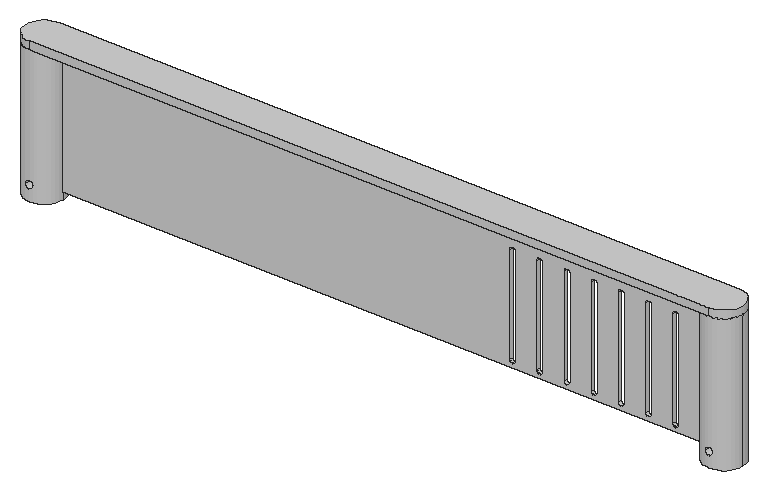
Revit family "Urbane II Bathroom Shelf", category Specialty Equipment, host Face, Revit 2019
Family settings
  Host = Face
  Round Connector Dimension = Use Radius
  Part Type = Normal
  OmniClass Number = 23.40.20.21.27
  OmniClass Title = Towel Bars
  Cut with Voids When Loaded = No
  Shared = No
  Room Calculation Point = No
Parameters (values of type "Urbane II Bathroom Shelf - Chrome")
  URL = "https://www.caroma.com.au/"
  RailWidth = 450 mm
  Model = "99619C"
  Material_Base = GWA_Metal-Chrome
  Manufacturer = "GWA Bathrooms & Kitchens"  # constant formula
  Description = "Urbane II Bathroom Shelf - Chrome"
  Default Elevation = 1000 mm
  CreatedBy_ANZRS = "GWA Bathrooms & Kitchens"  # constant formula
  Assembly Code = "C1030220"
Types (6, lengths in mm): name | Model | Material_Base | Description
  (no name) | "99619C" | GWA_Metal-Chrome | "Urbane II Bathroom Shelf - Chrome"
  Urbane II Bathroom Shelf - Chrome | "99619C" | GWA_Metal-Chrome | "Urbane II Bathroom Shelf - Chrome"
  Urbane II Bathroom Shelf - Matte Black | "99619B" | GWA-Metal-Black | "Urbane II Bathroom Shelf - Matte Black"
  Urbane II Bathroom Shelf  - Brushed Brass | "99619BR" | GWA_Metal-Brushed-Brass | "Urbane II Bathroom Shelf  - Brushed Brass"
  Urbane II Bathroom Shelf - Gunmetal | "99619GM" | GWA-Metal-Gunmetal Grey | "Urbane II Bathroom Shelf - Gunmetal"
  Urbane II Bathroom Shelf - Brushed Nickel | "99619BN" | GWA_Metal-Brushed-Nickel | "Urbane II Bathroom Shelf - Brushed Nickel"
Reference planes
  plane 1 "Center (Front/Back)": y = 0
  plane 2: z = 0
  plane 3 "Center (Left/Right)": x = 0
  plane 4 "LeftSupport": x = -225
  plane 5 "RightSupport": x = 225
  plane 6 "Rail": z = 90
  plane 7 "BackOfShelf": z = 5
  plane 8 "ShelfLeft": x = -212
  plane 9 "ShelfRight": x = 212
Forms (mm)
  Extrusion 1, solid, material "GWA_Metal-Chrome" <- "Material_Base"
    sketch origin (0, 0, 0) x (1, 0, 0) y (0, 1, 0)
      loop
        circle (-225, 0) r 12.5
    from 0 to 90
  Extrusion 2, solid, material "GWA_Metal-Chrome" <- "Material_Base"
    sketch origin (0, 0, 0) x (1, 0, 0) y (0, 1, 0)
      loop
        circle (225, 0) r 12.5
    from 0 to 90
  Extrusion 3, solid, material "GWA_Metal-Chrome" <- "Material_Base"
    sketch origin (0, 0, 90) x (-1, 0, 0) y (0, -1, 0)
      loop
        arc (225, -12.5) -> (237.5, 0) -> (225, 12.5) r 12.5
        line (225, 12.5) -> (-225, 12.5)
        arc (-225, 12.5) -> (-237.5, 0) -> (-225, -12.5) r 12.5
        line (-225, -12.5) -> (225, -12.5)
    from 0 to 5
  Extrusion 4, void
    sketch origin (0, 0, 0) x (1, 0, 0) y (0, 0, 1)
      loop
        circle (-225, 10) r 2.5
    from 0 to 30
  Extrusion 5, void
    sketch origin (0, 0, 0) x (-1, 0, 0) y (0, 0, -1)
      loop
        circle (-225, -10) r 2.5
    from 0 to 30
  Extrusion 6, solid, material "GWA_Metal-Chrome" <- "Material_Base"
    sketch origin (0, 0, 0) x (1, 0, 0) y (0, 0, 1)
      loop
        line (-212, 5) -> (212, 5) -> (212, 29.5) -> (218, 29.5) -> (218, 79.5) -> (212, 79.5) -> (212, 85) -> (-212, 85) -> (-212, 79.5) -> (-218, 79.5) -> (-218, 29.5) -> (-212, 29.5) -> (-212, 5)
    from -1 to 1
  Extrusion 7, void
    sketch origin (35.737, 0, 0.14) x (1, 0, 0) y (0, 0, 1)
      loop
        line (-247.737, 79.86) -> (-253.737, 79.86) -> (-253.737, 28.86) -> (-247.737, 28.86) -> (-247.737, 79.86)
    from -1 to 1
  Extrusion 8, void
    sketch origin (-35.737, 0, 0.14) x (-1, 0, 0) y (0, 0, -1)
      loop
        line (-247.737, -79.86) -> (-247.737, -28.86) -> (-253.737, -28.86) -> (-253.737, -79.86) -> (-247.737, -79.86)
    from -1 to 1
  Extrusion 9, void
    sketch origin (0, 0, 0) x (1, 0, 0) y (0, 0, 1)
      loop
        arc (192, 10) -> (194, 8) -> (196, 10) r 2
        line (196, 10) -> (196, 75)
        arc (196, 75) -> (194, 77) -> (192, 75) r 2
        line (192, 75) -> (192, 10)
      loop
        arc (174, 10) -> (176, 8) -> (178, 10) r 2
        line (178, 10) -> (178, 75)
        arc (178, 75) -> (176, 77) -> (174, 75) r 2
        line (174, 75) -> (174, 10)
      loop
        arc (156, 10) -> (158, 8) -> (160, 10) r 2
        line (160, 10) -> (160, 75)
        arc (160, 75) -> (158, 77) -> (156, 75) r 2
        line (156, 75) -> (156, 10)
      loop
        arc (138, 10) -> (140, 8) -> (142, 10) r 2
        line (142, 10) -> (142, 75)
        arc (142, 75) -> (140, 77) -> (138, 75) r 2
        line (138, 75) -> (138, 10)
      loop
        arc (120, 10) -> (122, 8) -> (124, 10) r 2
        line (124, 10) -> (124, 75)
        arc (124, 75) -> (122, 77) -> (120, 75) r 2
        line (120, 75) -> (120, 10)
      loop
        arc (102, 10) -> (104, 8) -> (106, 10) r 2
        line (106, 10) -> (106, 75)
        arc (106, 75) -> (104, 77) -> (102, 75) r 2
        line (102, 75) -> (102, 10)
      loop
        arc (84, 10) -> (86, 8) -> (88, 10) r 2
        line (88, 10) -> (88, 75)
        arc (88, 75) -> (86, 77) -> (84, 75) r 2
        line (84, 75) -> (84, 10)
    from -2 to 2
Cuts and joins
  Extrusion 4, Extrusion 5, Extrusion 7, Extrusion 8 cuts Extrusion 1
  Extrusion 5, Extrusion 8 cuts Extrusion 2
  joined: Extrusion 1, Extrusion 2
  Extrusion 5 cuts Extrusion 3
  Extrusion 9 cuts Extrusion 6
Lines and regions (mm)
  Masking region 1
    outline origin (0, 0, 90) x (-1, 0, 0) y (0, -1, 0)
      loop
        line (-225, -12.5) -> (225, -12.5)
        arc (225, -12.5) -> (237.5, 0) -> (225, 12.5) r 12.5
        line (225, 12.5) -> (-225, 12.5)
        arc (-225, 12.5) -> (-237.5, 0) -> (-225, -12.5) r 12.5
  Masking region 2
    outline origin (225, 0, 0) x (0, 1, 0) y (0, 0, 1)
      loop
        line (-12.5, 95) -> (-12.5, 0) -> (12.5, 0) -> (12.5, 95) -> (-12.5, 95)
  Masking region 3
    outline origin (0, 0, 0) x (1, 0, 0) y (0, 0, 1)
      loop
        line (-237.5, 95) -> (-237.5, 0) -> (-212.5, 0) -> (-212.5, 90) -> (212.5, 90) -> (212.5, 0) -> (237.5, 0) -> (237.5, 95) -> (-237.5, 95)
  Masking region 4
    outline origin (0, 0, 0) x (1, 0, 0) y (0, 0, 1)
      loop
        line (212, 85) -> (-212, 85) -> (-212, 5) -> (212, 5) -> (212, 85)
      loop
        line (192, 75) -> (192, 10)
        arc (192, 10) -> (194, 8) -> (196, 10) r 2
        line (196, 10) -> (196, 75)
        arc (196, 75) -> (194, 77) -> (192, 75) r 2
      loop
        line (178, 10) -> (178, 75)
        arc (178, 75) -> (176, 77) -> (174, 75) r 2
        line (174, 75) -> (174, 10)
        arc (174, 10) -> (176, 8) -> (178, 10) r 2
      loop
        line (160, 10) -> (160, 75)
        arc (160, 75) -> (158, 77) -> (156, 75) r 2
        line (156, 75) -> (156, 10)
        arc (156, 10) -> (158, 8) -> (160, 10) r 2
      loop
        line (142, 10) -> (142, 75)
        arc (142, 75) -> (140, 77) -> (138, 75) r 2
        line (138, 75) -> (138, 10)
        arc (138, 10) -> (140, 8) -> (142, 10) r 2
      loop
        line (124, 10) -> (124, 75)
        arc (124, 75) -> (122, 77) -> (120, 75) r 2
        line (120, 75) -> (120, 10)
        arc (120, 10) -> (122, 8) -> (124, 10) r 2
      loop
        line (106, 10) -> (106, 75)
        arc (106, 75) -> (104, 77) -> (102, 75) r 2
        line (102, 75) -> (102, 10)
        arc (102, 10) -> (104, 8) -> (106, 10) r 2
      loop
        line (88, 10) -> (88, 75)
        arc (88, 75) -> (86, 77) -> (84, 75) r 2
        line (84, 75) -> (84, 10)
        arc (84, 10) -> (86, 8) -> (88, 10) r 2
  symbolic lines
    curve 1: arc (-225, 12.5, 90) -> (-237.5, 0, 90) -> (-225, -12.5, 90) r 12.5
    curve 2: line (225, 12.5, 90) -> (-225, 12.5, 90)
    curve 3: line (225, -12.5, 90) -> (-225, -12.5, 90)
    curve 4: arc (225, -12.5, 90) -> (237.5, 0, 90) -> (225, 12.5, 90) r 12.5
    curve 5: line (237.5, 0, 90) -> (237.5, 0, 0)
    curve 6: line (237.5, 0, 0) -> (212.5, 0, 0)
    curve 7: line (212.5, 0, 0) -> (212.5, 0, 90)
    curve 8: line (237.5, 0, 95) -> (-237.5, 0, 95)
    curve 9: line (237.5, 0, 90) -> (237.5, 0, 95)
    curve 10: line (-237.5, 0, 90) -> (237.5, 0, 90)
    curve 11: line (-237.5, 0, 95) -> (-237.5, 0, 90)
    curve 12: line (-237.5, 0, 90) -> (-237.5, 0, 0)
    curve 13: line (-212.5, 0, 0) -> (-212.5, 0, 60)
    curve 14: line (-237.5, 0, 0) -> (-212.5, 0, 0)
    curve 15: line (225, -12.5, 95) -> (225, 12.5, 95)
    curve 16: line (225, -12.5, 90) -> (225, -12.5, 95)
    curve 17: line (225, 12.5, 90) -> (225, -12.5, 90)
    curve 18: line (225, 12.5, 95) -> (225, 12.5, 90)
    curve 19: line (225, -12.5, 0) -> (225, -12.5, 90)
    curve 20: line (225, 12.5, 0) -> (225, -12.5, 0)
    curve 21: line (225, 12.5, 90) -> (225, 12.5, 0)
    curve 22: line (212, 0, 85) -> (-212, 0, 85)
    curve 23: line (212, 0, 5) -> (212, 0, 85)
    curve 24: line (-212, 0, 5) -> (212, 0, 5)
    curve 25: line (-212, 0, 85) -> (-212, 0, 5)
    curve 26: line (84, 0, 75) -> (84, 0, 10)
    curve 27: arc (84, 0, 10) -> (86, 0, 8) -> (88, 0, 10) r 2
    curve 28: line (88, 0, 10) -> (88, 0, 75)
    curve 29: arc (88, 0, 75) -> (86, 0, 77) -> (84, 0, 75) r 2
    curve 30: line (102, 0, 75) -> (102, 0, 10)
    curve 31: arc (102, 0, 10) -> (104, 0, 8) -> (106, 0, 10) r 2
    curve 32: line (106, 0, 10) -> (106, 0, 75)
    curve 33: arc (106, 0, 75) -> (104, 0, 77) -> (102, 0, 75) r 2
    curve 34: line (120, 0, 75) -> (120, 0, 10)
    curve 35: arc (120, 0, 10) -> (122, 0, 8) -> (124, 0, 10) r 2
    curve 36: line (124, 0, 10) -> (124, 0, 75)
    curve 37: arc (124, 0, 75) -> (122, 0, 77) -> (120, 0, 75) r 2
    curve 38: line (138, 0, 75) -> (138, 0, 10)
    curve 39: arc (138, 0, 10) -> (140, 0, 8) -> (142, 0, 10) r 2
    curve 40: line (142, 0, 10) -> (142, 0, 75)
    curve 41: arc (142, 0, 75) -> (140, 0, 77) -> (138, 0, 75) r 2
    curve 42: line (156, 0, 75) -> (156, 0, 10)
    curve 43: arc (156, 0, 10) -> (158, 0, 8) -> (160, 0, 10) r 2
    curve 44: line (160, 0, 10) -> (160, 0, 75)
    curve 45: arc (160, 0, 75) -> (158, 0, 77) -> (156, 0, 75) r 2
    curve 46: line (174, 0, 75) -> (174, 0, 10)
    curve 47: arc (174, 0, 10) -> (176, 0, 8) -> (178, 0, 10) r 2
    curve 48: line (178, 0, 10) -> (178, 0, 75)
    curve 49: arc (178, 0, 75) -> (176, 0, 77) -> (174, 0, 75) r 2
    curve 50: line (192, 0, 75) -> (192, 0, 10)
    curve 51: arc (192, 0, 10) -> (194, 0, 8) -> (196, 0, 10) r 2
    curve 52: line (196, 0, 10) -> (196, 0, 75)
    curve 53: arc (196, 0, 75) -> (194, 0, 77) -> (192, 0, 75) r 2
Dimensions and locks
  "RailWidth": plane 4 "LeftSupport" to plane 5 "RightSupport"
  equal spacing: plane 4 "LeftSupport", plane 3 "Center (Left/Right)", plane 5 "RightSupport"
  aligned and locked: plane 2 to host face
  aligned and locked: level to host face
Automatic sketch dimensions
  host sketch curve to host sketch curve = 2438.4 mm  (x2)
  plane 1 "Center (Front/Back)" to Extrusion 1 sketch curve = 0 mm
  Extrusion 1 sketch curve to plane 4 "LeftSupport" = 0 mm
  plane 1 "Center (Front/Back)" to Extrusion 2 sketch curve = 0 mm
  Extrusion 2 sketch curve to plane 5 "RightSupport" = 0 mm
  Extrusion 3 sketch curve to plane 5 "RightSupport" = 0 mm
  Extrusion 3 sketch curve to plane 4 "LeftSupport" = 0 mm
  plane 1 "Center (Front/Back)" to Extrusion 3 sketch curve = 0 mm
  Extrusion 3 sketch curve to plane 1 "Center (Front/Back)" = 12.5 mm
  Extrusion 4 sketch curve to plane 4 "LeftSupport" = 0 mm
  plane 7 "BackOfShelf" to Extrusion 4 sketch curve = 5 mm
  Extrusion 5 sketch curve to plane 5 "RightSupport" = 0 mm
  Extrusion 5 sketch curve to plane 7 "BackOfShelf" = 5 mm
  curve 3 to plane 5 "RightSupport" = 0 mm
  curve 3 to plane 4 "LeftSupport" = 0 mm
  plane 1 "Center (Front/Back)" to curve 4 = 0 mm
  curve 2 to plane 1 "Center (Front/Back)" = 12.5 mm
  Masking region 1 sketch curve to plane 5 "RightSupport" = 0 mm
  Masking region 1 sketch curve to plane 4 "LeftSupport" = 0 mm
  plane 1 "Center (Front/Back)" to Masking region 1 sketch curve = 0 mm
  Masking region 1 sketch curve to plane 1 "Center (Front/Back)" = 12.5 mm
  curve 19 to plane 6 "Rail" = 0 mm
  curve 19 to level = 0 mm
  plane 6 "Rail" to curve 15 = 5 mm
  plane 1 "Center (Front/Back)" to curve 15 = 12.5 mm
  curve 17 to plane 1 "Center (Front/Back)" = 12.5 mm
  Masking region 2 sketch curve to level = 0 mm
  plane 1 "Center (Front/Back)" to Masking region 2 sketch curve = 12.5 mm
  Masking region 2 sketch curve to plane 1 "Center (Front/Back)" = 12.5 mm
  plane 6 "Rail" to Masking region 2 sketch curve = 5 mm
  Masking region 3 sketch curve to level = 0 mm  (x2)
  Masking region 3 sketch curve to plane 6 "Rail" = 0 mm
  plane 6 "Rail" to Masking region 3 sketch curve = 5 mm
  Masking region 3 sketch curve to plane 4 "LeftSupport" = 12.5 mm
  Masking region 3 sketch curve to plane 8 "ShelfLeft" = 0.5 mm
  plane 9 "ShelfRight" to Masking region 3 sketch curve = 0.5 mm
  plane 5 "RightSupport" to Masking region 3 sketch curve = 12.5 mm
  Extrusion 6 sketch curve to plane 8 "ShelfLeft" = 0 mm  (x2)
  Extrusion 6 sketch curve to plane 9 "ShelfRight" = 0 mm  (x2)
  Extrusion 6 sketch curve to plane 7 "BackOfShelf" = 0 mm
  Extrusion 6 sketch curve to plane 8 "ShelfLeft" = 6 mm
  Extrusion 6 sketch curve to Extrusion 6 sketch curve = 6 mm
  plane 7 "BackOfShelf" to Extrusion 6 sketch curve = 24.5 mm  (x2)
  Extrusion 6 sketch curve to plane 6 "Rail" = 10.5 mm  (x2)
  Extrusion 6 sketch curve to plane 6 "Rail" = 5 mm
  Extrusion 7 sketch curve to plane 8 "ShelfLeft" = 0 mm
  Extrusion 7 sketch curve to plane 8 "ShelfLeft" = 6 mm
  plane 7 "BackOfShelf" to Extrusion 7 sketch curve = 24 mm
  Extrusion 7 sketch curve to plane 6 "Rail" = 10 mm
  Extrusion 8 sketch curve to plane 9 "ShelfRight" = 0 mm
  Extrusion 8 sketch curve to plane 9 "ShelfRight" = 6 mm
  Extrusion 8 sketch curve to plane 7 "BackOfShelf" = 24 mm
  plane 6 "Rail" to Extrusion 8 sketch curve = 10 mm
  Extrusion 9 sketch curve to plane 6 "Rail" = 15 mm  (x7)
  plane 3 "Center (Left/Right)" to Extrusion 9 sketch curve = 84 mm
  Extrusion 9 sketch curve to Extrusion 9 sketch curve = 2 mm  (x7)
  Extrusion 9 sketch curve to Extrusion 9 sketch curve = 14 mm  (x6)
  plane 7 "BackOfShelf" to Extrusion 9 sketch curve = 5 mm  (x7)
  curve 12 to plane 6 "Rail" = 0 mm
  curve 12 to level = 0 mm
  curve 25 to plane 7 "BackOfShelf" = 0 mm
  curve 25 to plane 8 "ShelfLeft" = 0 mm
  curve 22 to plane 9 "ShelfRight" = 0 mm
  curve 7 to level = 0 mm
  curve 14 to plane 8 "ShelfLeft" = 0.5 mm
  curve 11 to plane 4 "LeftSupport" = 12.5 mm
  plane 9 "ShelfRight" to curve 7 = 0.5 mm
  plane 5 "RightSupport" to curve 9 = 12.5 mm
  curve 22 to plane 6 "Rail" = 5 mm
  curve 10 to curve 8 = 5 mm
  curve 13 to curve 22 = 25 mm
  plane 7 "BackOfShelf" to curve 26 = 5 mm
  plane 3 "Center (Left/Right)" to curve 26 = 84 mm
  curve 29 to curve 29 = 2 mm
  curve 29 to plane 6 "Rail" = 15 mm
  curve 28 to curve 30 = 14 mm
  curve 33 to curve 33 = 2 mm
  plane 7 "BackOfShelf" to curve 30 = 5 mm
  curve 33 to plane 6 "Rail" = 15 mm
  curve 31 to curve 34 = 14 mm
  curve 37 to curve 37 = 2 mm
  plane 7 "BackOfShelf" to curve 35 = 5 mm
  curve 34 to curve 32 = 0 mm
  curve 36 to curve 38 = 14 mm
  curve 41 to curve 41 = 2 mm
  plane 7 "BackOfShelf" to curve 38 = 5 mm
  curve 38 to curve 36 = 0 mm
  curve 39 to curve 42 = 14 mm
  curve 45 to curve 45 = 2 mm
  plane 7 "BackOfShelf" to curve 42 = 5 mm
  curve 42 to curve 40 = 0 mm
  curve 45 to curve 46 = 14 mm
  curve 46 to curve 49 = 2 mm
  plane 7 "BackOfShelf" to curve 46 = 5 mm
  curve 46 to curve 45 = 0 mm
  curve 47 to curve 50 = 14 mm
  curve 53 to curve 53 = 2 mm
  plane 7 "BackOfShelf" to curve 50 = 5 mm
  curve 50 to curve 48 = 0 mm
  Masking region 4 sketch curve to plane 8 "ShelfLeft" = 0 mm
  Masking region 4 sketch curve to plane 7 "BackOfShelf" = 0 mm
  Masking region 4 sketch curve to plane 9 "ShelfRight" = 0 mm
  Masking region 4 sketch curve to plane 6 "Rail" = 5 mm
  plane 7 "BackOfShelf" to Masking region 4 sketch curve = 5 mm  (x7)
  Masking region 4 sketch curve to plane 9 "ShelfRight" = 20 mm
  Masking region 4 sketch curve to Masking region 4 sketch curve = 2 mm  (x7)
  Masking region 4 sketch curve to plane 6 "Rail" = 15 mm
  Masking region 4 sketch curve to Masking region 4 sketch curve = 18 mm  (x6)
  Masking region 4 sketch curve to Masking region 4 sketch curve = 0 mm  (x6)
  radius of Extrusion 1 sketch curve = 12.5 mm
  radius of Extrusion 2 sketch curve = 12.5 mm
  radius of Extrusion 4 sketch curve = 2.5 mm
  radius of Extrusion 5 sketch curve = 2.5 mm
